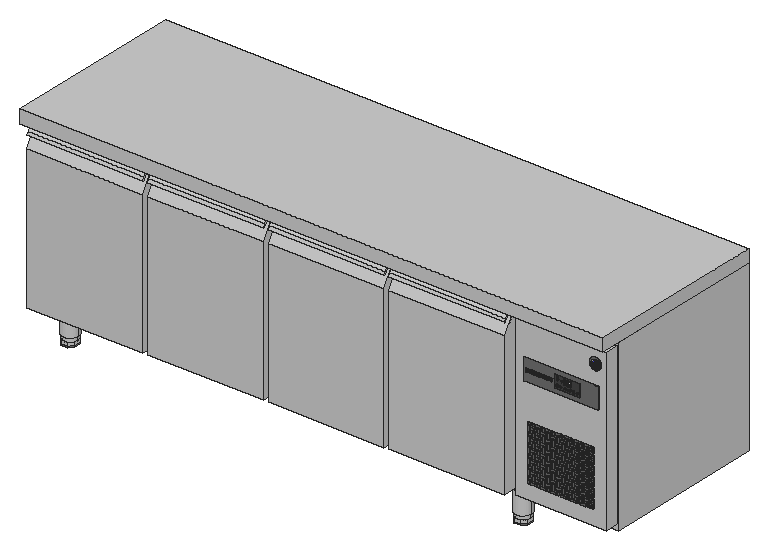
Revit family "QF_HOSHIZAKI_889040822", category Specialty Equipment, Revit 2016
Family settings
  Part Type = Normal
  Round Connector Dimension = Use Diameter
  OmniClass Number = 23.40.40.14
  OmniClass Title = Food Service Equipment
  Work Plane-Based = No
  Always vertical = Yes
  Cut with Voids When Loaded = No
  Shared = No
  Room Calculation Point = No
Parameters (values of type "889040822_230V/1Ph/50Hz")
  Weight = 159.00 kg
  Volts = 230 V
  URL Cutsheet = ""
  URL = "www.hoshizaki-europe.com"
  Status [instance] = ""
  Specification by User [instance] = ""
  Specification by Manufacturer [instance] = ""
  Serial Number = ""
  Seismic Rating = ""
  SMACNA No = ""
  Revision Code [instance] = ""
  Phase = 1
  Number of Poles = 2
  NAFEM Spec ID Number = ""
  Model = "ACR-225DG-LLRR-CRC-L2"
  Min Ckt Ampacity = 0 A
  Max Overcurrent Protection = 0 A
  Masterspec = ""
  Manufacturer = "HOSHIZAKI"
  Length Actual = 2246 mm
  Item Number [instance] = ""
  Installed By [instance] = ""
  Identify Quantity as Lot [instance] = no
  Height Actual = 900 mm
  HP power = ""
  Furnished By [instance] = ""
  Foodservice Equipment Identifier [instance] = yes
  FL Amps = 1.7 A
  Electric power = 240 W
  Electric Connection Type [instance] = ""
  Elec Conn RI Height [instance] = 0 mm
  Elec Conn Connection Height [instance] = 200 mm
  Description = "ADVANCE 4-SECTION 1/1 GN REFRIGERATED COUNTER WITH 4 DOORS AND A FLAT WORKTOP"
  Depth Actual = 700 mm
  Cycle = 50 Hz
  Cost = 0
  Conn Plug = ""
  Conn Conduit = no
  CSI MasterFormat = ""
  Assembly Code = "E1090320"
  Apparent Power = 240 VA
  Accessory = no
Reference planes
  plane 1 "Center (Front/Back)": y = 0
  plane 2: z = 0
  plane 3 "Center (Left/Right)": x = 0
Forms (mm)
  Extrusion 1, solid, not visible
    sketch origin (1999, -17, 349) x (1, 0, 0) y (0, 1, 0)
      loop
        line (0, 0) -> (2, 0) -> (2, 2) -> (0, 2) -> (0, 0)
    from 0 to 2
Dimensions and locks
  aligned and locked: level to plane 2
Nested families
  nested 1: "QF_HOSHIZAKI_889040822_230V_1Ph_50Hz" at (0, 0, 150), type "889040822_230V/1Ph/50Hz"
    with Show Logo yes, Length Actual 2246 mm, Height Actual 650 mm, Depth Actual 700 mm, Compressor offset 1890 mm, Compressor location 1
  nested 2: "QF_HOSHIZAKI_ADVANCE_REF-COUNTER-WORKTOPS" at (0, 0, 800), type "760660095"
    with Worktop thickness 50 mm, Length Actual 2246 mm, Depth Actual 700 mm, Backsplash thickness 20 mm, Backsplash height 100 mm
  nested 3: "QF_HOSHIZAKI_ADVANCE_REF-COUNTER-DOORS-DRAWERS" at (22, -700, 150), type "760660485-R"
    with Weight 0.00 kg, URL Cutsheet "", Status "", Specification by User "", Specification by Manufacturer "", Serial Number "", Seismic Rating "", Section size 446 mm, Section 2, SMACNA No "", Right hand hinged glass door no, Right hand hinged door yes, Revision Code "", NAFEM Spec ID Number "", Masterspec "", Length Actual 0 mm, Left hand hinged glass door no, Left hand hinged door no, Item Number "", Installed By "", Identify Quantity as Lot no, Height Actual 0 mm, Furnished By "", Foodservice Equipment Identifier no, Depth Actual 0 mm, CSI MasterFormat "", Accessory yes, 3 Drawers no, 2 Drawers 1-3 and 2-3 no, 2 Drawers no
  nested 4: "QF_HOSHIZAKI_ADVANCE_REF-COUNTER-DOORS-DRAWERS" at (488, -700, 150), type "760660485-R"
    with Weight 0.00 kg, URL Cutsheet "", Status "", Specification by User "", Specification by Manufacturer "", Serial Number "", Seismic Rating "", Section size 446 mm, Section 2, SMACNA No "", Right hand hinged glass door no, Right hand hinged door yes, Revision Code "", NAFEM Spec ID Number "", Masterspec "", Length Actual 0 mm, Left hand hinged glass door no, Left hand hinged door no, Item Number "", Installed By "", Identify Quantity as Lot no, Height Actual 0 mm, Furnished By "", Foodservice Equipment Identifier no, Depth Actual 0 mm, CSI MasterFormat "", Accessory yes, 3 Drawers no, 2 Drawers 1-3 and 2-3 no, 2 Drawers no
  nested 5: "QF_HOSHIZAKI_ADVANCE_REF-COUNTER-DOORS-DRAWERS" at (952, -700, 150), type "760660485-R"
    with Weight 0.00 kg, URL Cutsheet "", Status "", Specification by User "", Specification by Manufacturer "", Serial Number "", Seismic Rating "", Section size 446 mm, Section 2, SMACNA No "", Right hand hinged glass door no, Right hand hinged door yes, Revision Code "", NAFEM Spec ID Number "", Masterspec "", Length Actual 0 mm, Left hand hinged glass door no, Left hand hinged door no, Item Number "", Installed By "", Identify Quantity as Lot no, Height Actual 0 mm, Furnished By "", Foodservice Equipment Identifier no, Depth Actual 0 mm, CSI MasterFormat "", Accessory yes, 3 Drawers no, 2 Drawers 1-3 and 2-3 no, 2 Drawers no
  nested 6: "QF_HOSHIZAKI_ADVANCE_REF-COUNTER-DOORS-DRAWERS" at (1416, -700, 150), type "760660485-R"
    with Weight 0.00 kg, URL Cutsheet "", Status "", Specification by User "", Specification by Manufacturer "", Serial Number "", Seismic Rating "", Section size 446 mm, Section 2, SMACNA No "", Right hand hinged glass door no, Right hand hinged door yes, Revision Code "", NAFEM Spec ID Number "", Masterspec "", Length Actual 0 mm, Left hand hinged glass door no, Left hand hinged door no, Item Number "", Installed By "", Identify Quantity as Lot no, Height Actual 0 mm, Furnished By "", Foodservice Equipment Identifier no, Depth Actual 0 mm, CSI MasterFormat "", Accessory yes, 3 Drawers no, 2 Drawers 1-3 and 2-3 no, 2 Drawers no
  nested 7: "QF_HOSHIZAKI_ADVANCE_REF-COUNTER-LEGS" at (0, 0, 0), type "760660118-7"
    with Weight 0.00 kg, URL Cutsheet "", Status "", Specification by User "", Specification by Manufacturer "", Serial Number "", Seismic Rating "", SMACNA No "", Revision Code "", NAFEM Spec ID Number "", Masterspec "", Length Actual 2246 mm, Legs inset right 430 mm, Legs inset rear 70 mm, Legs inset left 70 mm, Legs inset front 153 mm, Item Number "", Installed By "", Identify Quantity as Lot no, Height Actual 150 mm, Furnished By "", Foodservice Equipment Identifier no, Depth Actual 700 mm, Central Legs no, CSI MasterFormat "", Accessory yes
Connectors
  electrical at (2000, -15, 350), driven by "Apparent Power", driven by "Number of Poles", driven by "Volts"
    settings: on Extrusion 1, index 1, voltage 230 V, apparent load 0 VA, apparent load phase1 240 VA, apparent load phase2 0 VA, apparent load phase3 0 VA, power factor 1, load classification "Other", number of poles 2, system type 31, power factor state 1, is connector primary yes, connector utility no, sub classification motor no, connector description "Electric connection for '889040822'"
Definition of nested family "QF_HOSHIZAKI_889040822_230V_1Ph_50Hz"
  Parameters (values of type "889040822_230V/1Ph/50Hz")
    URL = "www.hoshizaki-europe.com"
    Show Logo [instance] = yes
    Model = "ACR-225DG-LLRR-CRC-L2"
    Manufacturer = "HOSHIZAKI"
    Length Actual [instance] = 2246 mm
    Height Actual [instance] = 650 mm
    Description = "ADVANCE 4-SECTION 1/1 GN REFRIGERATED COUNTER WITH 4 DOORS AND A FLAT WORKTOP"
    Depth Actual [instance] = 700 mm
    Compressor offset [instance] = if(Compressor location = 1, Length Actual - 356 mm, if(Compressor location = 2, 7 mm, Length Actual - 356 mm))  # 1890 mm
    Compressor location [instance] = 1
    Author = "SPECIFI"
    Assembly Code = "E1090320"
  Types (60, lengths in mm): name | Model | Length Actual | Description | Compressor offset
    889000840 | "ACR-130DG-LR-RRC-L1" | 1314 | "ADVANCE 2-SECTION 1/1 GN REFRIGERATED COUNTER WITH 2 DOORS AND A FLAT WORKTOP" | 958
    889000848 | "ACR-130DG-22-RRC-L1" | 1314 | "ADVANCE 2-SECTION 1/1 GN REFRIGERATED COUNTER WITH 2 DRAWER SECTIONS EACH WITH 2 X 1/2 DRAWERS AND A FLAT WORKTOP" | 958
    889000856 | "ACR-130DG-32-RRC-L1" | 1314 | "ADVANCE 2-SECTION 1/1 GN REFRIGERATED COUNTER WITH 1 DRAWER SECTION WITH 3 X 1/3 DRAWERS, 1 DRAWER SECTION WITH 2 X 1/2 DRAWERS AND A FLAT WORKTOP" | 958
    889000844 | "ACR-130DG-LR-RRS-L1" | 1314 | "ADVANCE 2-SECTION 1/1 GN REFRIGERATED COUNTER WITH 2 DOORS AND A WORKTOP WITH 100 MM SPLASHBACK" | 958
    889000852 | "ACR-130DG-22-RRS-L1" | 1314 | "ADVANCE 2-SECTION 1/1 GN REFRIGERATED COUNTER WITH 2 DRAWER SECTIONS EACH WITH 2 X 1/2 DRAWERS AND A WORKTOP WITH 100 MM SPLASHBACK" | 958
    889000861 | "ACR-130DG-LR-RRC-C1-U" | 1314 | "ADVANCE 2-SECTION 1/1 GN REFRIGERATED COUNTER WITH 2 DOORS AND A FLAT WORKTOP" | 958
    889000869 | "ACR-130DG-22-RRC-C1-U" | 1314 | "ADVANCE 2-SECTION 1/1 GN REFRIGERATED COUNTER WITH 2 DRAWER SECTIONS EACH WITH 2 X 1/2 DRAWERS AND A FLAT WORKTOP" | 958
    889000877 | "ACR-130DG-32-RRC-C1-U" | 1314 | "ADVANCE 2-SECTION 1/1 GN REFRIGERATED COUNTER WITH 1 DRAWER SECTION WITH 3 X 1/3 DRAWERS, 1 DRAWER SECTION WITH 2 X 1/2 DRAWERS AND A FLAT WORKTOP" | 958
    889000865 | "ACR-130DG-LR-RRS-C1-U" | 1314 | "ADVANCE 2-SECTION 1/1 GN REFRIGERATED COUNTER WITH 2 DOORS AND A WORKTOP WITH 100 MM SPLASHBACK" | 958
    889000873 | "ACR-130DG-22-RRS-C1-U" | 1314 | "ADVANCE 2-SECTION 1/1 GN REFRIGERATED COUNTER WITH 2 DRAWER SECTIONS EACH WITH 2 X 1/2 DRAWERS AND A WORKTOP WITH 100 MM SPLASHBACK" | 958
    889000842 | "ACR-130DG-LR-RRC-L2" | 1314 | "ADVANCE 2-SECTION 1/1 GN REFRIGERATED COUNTER WITH 2 DOORS AND A FLAT WORKTOP" | 958
    889000850 | "ACR-130DG-22-RRC-L2" | 1314 | "ADVANCE 2-SECTION 1/1 GN REFRIGERATED COUNTER WITH 2 DRAWER SECTIONS EACH WITH 2 X 1/2 DRAWERS AND A FLAT WORKTOP" | 958
    889000858 | "ACR-130DG-32-RRC-L2" | 1314 | "ADVANCE 2-SECTION 1/1 GN REFRIGERATED COUNTER WITH 1 DRAWER SECTION WITH 3 X 1/3 DRAWERS, 1 DRAWER SECTION WITH 2 X 1/2 DRAWERS AND A FLAT WORKTOP" | 958
    889000846 | "ACR-130DG-LR-RRS-L2" | 1314 | "ADVANCE 2-SECTION 1/1 GN REFRIGERATED COUNTER WITH 2 DOORS AND A WORKTOP WITH 100 MM SPLASHBACK" | 958
    889000854 | "ACR-130DG-22-RRS-L2" | 1314 | "ADVANCE 2-SECTION 1/1 GN REFRIGERATED COUNTER WITH 2 DRAWER SECTIONS EACH WITH 2 X 1/2 DRAWERS AND A WORKTOP WITH 100 MM SPLASHBACK" | 958
    889000822 | "ACR-130DG-LR-CRC-L2" | 1314 | "ADVANCE 2-SECTION 1/1 GN REFRIGERATED COUNTER WITH 2 DOORS AND A FLAT WORKTOP" | 958
    889000830 | "ACR-130DG-22-CRC-L2" | 1314 | "ADVANCE 2-SECTION 1/1 GN REFRIGERATED COUNTER WITH 2 DRAWER SECTIONS EACH WITH 2 X 1/2 DRAWERS AND A FLAT WORKTOP" | 958
    889000838 | "ACR-130DG-32-CRC-L2" | 1314 | "ADVANCE 2-SECTION 1/1 GN REFRIGERATED COUNTER WITH 1 DRAWER SECTION WITH 3 X 1/3 DRAWERS, 1 DRAWER SECTION WITH 2 X 1/2 DRAWERS AND A FLAT WORKTOP" | 958
    889000826 | "ACR-130DG-LR-CRS-L2" | 1314 | "ADVANCE 2-SECTION 1/1 GN REFRIGERATED COUNTER WITH 2 DOORS AND A WORKTOP WITH 100 MM SPLASHBACK" | 958
    889000834 | "ACR-130DG-22-CRS-L2" | 1314 | "ADVANCE 2-SECTION 1/1 GN REFRIGERATED COUNTER WITH 2 DRAWER SECTIONS EACH WITH 2 X 1/2 DRAWERS AND A WORKTOP WITH 100 MM SPLASHBACK" | 958
    889020840 | "ACR-180DG-LRR-RRC-L1" | 1780 | "ADVANCE 3-SECTION 1/1 GN REFRIGERATED COUNTER WITH 3 DOORS AND A FLAT WORKTOP" | 1424
    889020848 | "ACR-180DG-222-RRC-L1" | 1780 | "ADVANCE 3-SECTION 1/1 GN REFRIGERATED COUNTER WITH 3 DRAWER SECTIONS EACH WITH 2 X 1/2 DRAWERS AND A FLAT WORKTOP" | 1424
    889020856 | "ACR-180DG-332-RRC-L1" | 1780 | "ADVANCE 3-SECTION 1/1 GN REFRIGERATED COUNTER WITH 2 DRAWER SECTIONS EACH WITH 3 X 1/3 DRAWERS, 1 DRAWER SECTION WITH 2 X 1/2 DRAWERS AND A FLAT WORKTOP" | 1424
    889020844 | "ACR-180DG-LRR-RRS-L1" | 1780 | "ADVANCE 3-SECTION 1/1 GN REFRIGERATED COUNTER WITH 3 DOORS AND A WORKTOP WITH 100 MM SPLASHBACK" | 1424
    889020852 | "ACR-180DG-222-RRS-L1" | 1780 | "ADVANCE 3-SECTION 1/1 GN REFRIGERATED COUNTER WITH 3 DRAWER SECTIONS EACH WITH 2 X 1/2 DRAWERS AND A WORKTOP WITH 100 MM SPLASHBACK" | 1424
    889020861 | "ACR-180DG-LRR-RRC-C1-U" | 1780 | "ADVANCE 3-SECTION 1/1 GN REFRIGERATED COUNTER WITH 3 DOORS AND A FLAT WORKTOP" | 1424
    889020869 | "ACR-180DG-222-RRC-C1-U" | 1780 | "ADVANCE 3-SECTION 1/1 GN REFRIGERATED COUNTER WITH 3 DRAWER SECTIONS EACH WITH 2 X 1/2 DRAWERS AND A FLAT WORKTOP" | 1424
    889020877 | "ACR-180DG-332-RRC-C1-U" | 1780 | "ADVANCE 3-SECTION 1/1 GN REFRIGERATED COUNTER WITH 2 DRAWER SECTIONS EACH WITH 3 X 1/3 DRAWERS, 1 DRAWER SECTION WITH 2 X 1/2 DRAWERS AND A FLAT WORKTOP" | 1424
    889020865 | "ACR-180DG-LRR-RRS-C1-U" | 1780 | "ADVANCE 3-SECTION 1/1 GN REFRIGERATED COUNTER WITH 3 DOORS AND A WORKTOP WITH 100 MM SPLASHBACK" | 1424
    889020873 | "ACR-180DG-222-RRS-C1-U" | 1780 | "ADVANCE 3-SECTION 1/1 GN REFRIGERATED COUNTER WITH 3 DRAWER SECTIONS EACH WITH 2 X 1/2 DRAWERS AND A WORKTOP WITH 100 MM SPLASHBACK" | 1424
    889020842 | "ACR-180DG-LRR-RRC-L2" | 1780 | "ADVANCE 3-SECTION 1/1 GN REFRIGERATED COUNTER WITH 3 DOORS AND A FLAT WORKTOP" | 1424
    889020850 | "ACR-180DG-222-RRC-L2" | 1780 | "ADVANCE 3-SECTION 1/1 GN REFRIGERATED COUNTER WITH 3 DRAWER SECTIONS EACH WITH 2 X 1/2 DRAWERS AND A FLAT WORKTOP" | 1424
    889020858 | "ACR-180DG-332-RRC-L2" | 1780 | "ADVANCE 3-SECTION 1/1 GN REFRIGERATED COUNTER WITH 2 DRAWER SECTIONS EACH WITH 3 X 1/3 DRAWERS, 1 DRAWER SECTION WITH 2 X 1/2 DRAWERS AND A FLAT WORKTOP" | 1424
    889020846 | "ACR-180DG-LRR-RRS-L2" | 1780 | "ADVANCE 3-SECTION 1/1 GN REFRIGERATED COUNTER WITH 3 DOORS AND A WORKTOP WITH 100 MM SPLASHBACK" | 1424
    889020854 | "ACR-180DG-222-RRS-L2" | 1780 | "ADVANCE 3-SECTION 1/1 GN REFRIGERATED COUNTER WITH 3 DRAWER SECTIONS EACH WITH 2 X 1/2 DRAWERS AND A WORKTOP WITH 100 MM SPLASHBACK" | 1424
    889020823 | "ACR-180DG-LRR-CRC-L2" | 1780 | "ADVANCE 3-SECTION 1/1 GN REFRIGERATED COUNTER WITH 3 DOORS AND A FLAT WORKTOP" | 1424
    889020830 | "ACR-180DG-222-CRC-L2" | 1780 | "ADVANCE 3-SECTION 1/1 GN REFRIGERATED COUNTER WITH 3 DRAWER SECTIONS EACH WITH 2 X 1/2 DRAWERS AND A FLAT WORKTOP" | 1424
    889020838 | "ACR-180DG-332-CRC-L2" | 1780 | "ADVANCE 3-SECTION 1/1 GN REFRIGERATED COUNTER WITH 2 DRAWER SECTIONS EACH WITH 3 X 1/3 DRAWERS, 1 DRAWER SECTION WITH 2 X 1/2 DRAWERS AND A FLAT WORKTOP" | 1424
    889020827 | "ACR-180DG-LRR-CRS-L2" | 1780 | "ADVANCE 3-SECTION 1/1 GN REFRIGERATED COUNTER WITH 3 DOORS AND A WORKTOP WITH 100 MM SPLASHBACK" | 1424
    889020834 | "ACR-180DG-222-CRS-L2" | 1780 | "ADVANCE 3-SECTION 1/1 GN REFRIGERATED COUNTER WITH 3 DRAWER SECTIONS EACH WITH 2 X 1/2 DRAWERS AND A WORKTOP WITH 100 MM SPLASHBACK" | 1424
    889040840 | "ACR-225DG-LLRR-RRC-L1" | 2246 | "ADVANCE 4-SECTION 1/1 GN REFRIGERATED COUNTER WITH 4 DOORS AND A FLAT WORKTOP" | 1890
    889040848 | "ACR-225DG-2222-RRC-L1" | 2246 | "ADVANCE 4-SECTION 1/1 GN REFRIGERATED COUNTER WITH 4 DRAWER SECTIONS EACH WITH 2 X 1/2 DRAWERS AND A FLAT WORKTOP" | 1890
    889040856 | "ACR-225DG-3332-RRC-L1" | 2246 | "ADVANCE 4-SECTION 1/1 GN REFRIGERATED COUNTER WITH 3 DRAWER SECTIONS EACH WITH 3 X 1/3 DRAWERS, 1 DRAWER SECTION WITH 2 X 1/2 DRAWERS AND A FLAT WORKTOP" | 1890
    889040844 | "ACR-225DG-LLRR-RRS-L1" | 2246 | "ADVANCE 4-SECTION 1/1 GN REFRIGERATED COUNTER WITH 4 DOORS AND A WORKTOP WITH 100 MM SPLASHBACK" | 1890
    889040852 | "ACR-225DG-2222-RRS-L1" | 2246 | "ADVANCE 4-SECTION 1/1 GN REFRIGERATED COUNTER WITH 4 DRAWER SECTIONS EACH WITH 2 X 1/2 DRAWERS AND A WORKTOP WITH 100 MM SPLASHBACK" | 1890
    889040861 | "ACR-225DG-LLRR-RRC-C1-U" | 2246 | "ADVANCE 4-SECTION 1/1 GN REFRIGERATED COUNTER WITH 4 DOORS AND A FLAT WORKTOP" | 1890
    889040869 | "ACR-225DG-2222-RRC-C1-U" | 2246 | "ADVANCE 4-SECTION 1/1 GN REFRIGERATED COUNTER WITH 4 DRAWER SECTIONS EACH WITH 2 X 1/2 DRAWERS AND A FLAT WORKTOP" | 1890
    889040877 | "ACR-225DG-3332-RRC-C1-U" | 2246 | "ADVANCE 4-SECTION 1/1 GN REFRIGERATED COUNTER WITH 3 DRAWER SECTIONS EACH WITH 3 X 1/3 DRAWERS, 1 DRAWER SECTION WITH 2 X 1/2 DRAWERS AND A FLAT WORKTOP" | 1890
    889040865 | "ACR-225DG-LLRR-RRS-C1-U" | 2246 | "ADVANCE 4-SECTION 1/1 GN REFRIGERATED COUNTER WITH 4 DOORS AND A WORKTOP WITH 100 MM SPLASHBACK" | 1890
    889040873 | "ACR-225DG-2222-RRS-C1-U" | 2246 | "ADVANCE 4-SECTION 1/1 GN REFRIGERATED COUNTER WITH 4 DRAWER SECTIONS EACH WITH 2 X 1/2 DRAWERS AND A WORKTOP WITH 100 MM SPLASHBACK" | 1890
    889040842 | "ACR-225DG-LLRR-RRC-L2" | 2246 | "ADVANCE 4-SECTION 1/1 GN REFRIGERATED COUNTER WITH 4 DOORS AND A FLAT WORKTOP" | 1890
    889040850 | "ACR-225DG-2222-RRC-L2" | 2246 | "ADVANCE 4-SECTION 1/1 GN REFRIGERATED COUNTER WITH 4 DRAWER SECTIONS EACH WITH 2 X 1/2 DRAWERS AND A FLAT WORKTOP" | 1890
    889040858 | "ACR-225DG-3332-RRC-L2" | 2246 | "ADVANCE 4-SECTION 1/1 GN REFRIGERATED COUNTER WITH 3 DRAWER SECTIONS EACH WITH 3 X 1/3 DRAWERS, 1 DRAWER SECTION WITH 2 X 1/2 DRAWERS AND A FLAT WORKTOP" | 1890
    889040846 | "ACR-225DG-LLRR-RRS-L2" | 2246 | "ADVANCE 4-SECTION 1/1 GN REFRIGERATED COUNTER WITH 4 DOORS AND A WORKTOP WITH 100 MM SPLASHBACK" | 1890
    889040854 | "ACR-225DG-2222-RRS-L2" | 2246 | "ADVANCE 4-SECTION 1/1 GN REFRIGERATED COUNTER WITH 4 DRAWER SECTIONS EACH WITH 2 X 1/2 DRAWERS AND A WORKTOP WITH 100 MM SPLASHBACK" | 1890
    889040822_230V/1Ph/50Hz | "ACR-225DG-LLRR-CRC-L2" | 2246 | "ADVANCE 4-SECTION 1/1 GN REFRIGERATED COUNTER WITH 4 DOORS AND A FLAT WORKTOP" | 1890
    889040830 | "ACR-225DG-2222-CRC-L2" | 2246 | "ADVANCE 4-SECTION 1/1 GN REFRIGERATED COUNTER WITH 4 DRAWER SECTIONS EACH WITH 2 X 1/2 DRAWERS AND A FLAT WORKTOP" | 1890
    889040838 | "ACR-225DG-3332-CRC-L2" | 2246 | "ADVANCE 4-SECTION 1/1 GN REFRIGERATED COUNTER WITH 3 DRAWER SECTIONS EACH WITH 3 X 1/3 DRAWERS, 1 DRAWER SECTION WITH 2 X 1/2 DRAWERS AND A FLAT WORKTOP" | 1890
    889040826 | "ACR-225DG-LLRR-CRS-L2" | 2246 | "ADVANCE 4-SECTION 1/1 GN REFRIGERATED COUNTER WITH 4 DOORS AND A WORKTOP WITH 100 MM SPLASHBACK" | 1890
    889040834 | "ACR-225DG-2222-CRS-L2" | 2246 | "ADVANCE 4-SECTION 1/1 GN REFRIGERATED COUNTER WITH 4 DRAWER SECTIONS EACH WITH 2 X 1/2 DRAWERS AND A WORKTOP WITH 100 MM SPLASHBACK" | 1890
  Reference planes
    plane 1 "Back": y = 0
    plane 2: z = 0
    plane 3 "Left": x = 0
    plane 4 "Right": x = 2246
    plane 5 "Front": y = -700
    plane 6 "Top": z = 650
    plane 7 "Front legs": y = -624.512
    plane 8 "Compressor dimension": x = 2246
    plane 9 "Compressor offset": x = 1890
  Forms (mm)
    Extrusion 1, solid
      sketch origin (0, 0, 0) x (0, 1, 0) y (0, 0, 1)
        loop
          line (0, 650) -> (-624.512, 650) -> (-624.512, 0) -> (0, 0) -> (0, 650)
      from 0 to 2246
    Extrusion 2, solid
      sketch origin (1890, 0, 0) x (0, -1, 0) y (0, 0, 1)
        loop
          line (624.512, 634) -> (624.512, 20) -> (674.54, 20) -> (674.54, 634) -> (624.512, 634)
      from 0 to -349
  Lines and regions (mm)
    symbolic lines
      curve 1: line (0, 0, 650) -> (2246, 0, 650)
      curve 2: line (0, -700, 650) -> (0, 0, 650)
      curve 3: line (2246, -700, 650) -> (0, -700, 650)
      curve 4: line (2246, 0, 650) -> (2246, -700, 650)
  Dimensions and locks
    "Length Actual": plane 3 "Left" to plane 4 "Right"
    "Depth Actual": plane 5 "Front" to plane 1 "Back"
    plane 7 "Front legs" to plane 5 "Front" = 75.488 mm
    "Compressor offset": plane 3 "Left" to plane 9 "Compressor offset"
    locked: plane 9 "Compressor offset" to plane 8 "Compressor dimension" at 356
    plane 6 "Top" to level = 650 mm
    aligned and locked: level to plane 2
    aligned and locked: plane 1 "Back" to Extrusion 1 sketch curve
    aligned and locked: plane 7 "Front legs" to Extrusion 1 sketch curve
    aligned and locked: Extrusion 1 to plane 4 "Right"
    aligned and locked: plane 7 "Front legs" to Extrusion 2 sketch curve
    aligned and locked: nested 1 to plane 5 "Front"
    aligned and locked: nested 1 to plane 9 "Compressor offset"
    aligned and locked: Extrusion 1 sketch curve to plane 6 "Top"
    aligned and locked: plane 2 to Extrusion 1 sketch curve
    aligned and locked: plane 1 "Back" to curve 1
    aligned and locked: plane 5 "Front" to curve 3
    aligned and locked: plane 4 "Right" to curve 4
    aligned and locked: plane 3 "Left" to curve 2
  Automatic sketch dimensions
    plane 5 "Front" to Extrusion 2 sketch curve = 25.46 mm
    level to Extrusion 2 sketch curve = 20 mm
    Extrusion 2 sketch curve to plane 6 "Top" = 16 mm
  Nested families
    nested 1: "Control-panel" at (1890, -700, 0), Show Logo <- "Show Logo", type "Control-panel"
      with Show Logo yes
  Definition of nested family "Control-panel"
    Parameters (values of type "Control-panel")
      Show Logo [instance] = yes
    Reference planes
      plane 1 "Center (Front/Back)": y = 0
      plane 2: z = 0
      plane 3 "Center (Left/Right)": x = 0
      plane 4: z = 650
    Forms (mm)
      Extrusion 1, solid
        sketch origin (-3653, 19.5, -135) x (-1, 0, 0) y (0, 0, 1)
          loop
            arc (-3941, 426) -> (-3944.5, 422.5) -> (-3941, 419) r 3.5
            line (-3941, 419) -> (-3923, 419)
            arc (-3923, 419) -> (-3919.5, 422.5) -> (-3923, 426) r 3.5
            line (-3923, 426) -> (-3941, 426)
          loop
            arc (-3903, 426) -> (-3906.5, 422.5) -> (-3903, 419) r 3.5
            line (-3903, 419) -> (-3885, 419)
            arc (-3885, 419) -> (-3881.5, 422.5) -> (-3885, 426) r 3.5
            line (-3885, 426) -> (-3903, 426)
          loop
            arc (-3865, 426) -> (-3868.5, 422.5) -> (-3865, 419) r 3.5
            line (-3865, 419) -> (-3847, 419)
            arc (-3847, 419) -> (-3843.5, 422.5) -> (-3847, 426) r 3.5
            line (-3847, 426) -> (-3865, 426)
          loop
            arc (-3827, 426) -> (-3830.5, 422.5) -> (-3827, 419) r 3.5
            line (-3827, 419) -> (-3809, 419)
            arc (-3809, 419) -> (-3805.5, 422.5) -> (-3809, 426) r 3.5
            line (-3809, 426) -> (-3827, 426)
          loop
            arc (-3789, 426) -> (-3792.5, 422.5) -> (-3789, 419) r 3.5
            line (-3789, 419) -> (-3771, 419)
            arc (-3771, 419) -> (-3767.5, 422.5) -> (-3771, 426) r 3.5
            line (-3771, 426) -> (-3789, 426)
          loop
            arc (-3751, 426) -> (-3754.5, 422.5) -> (-3751, 419) r 3.5
            line (-3751, 419) -> (-3733, 419)
            arc (-3733, 419) -> (-3729.5, 422.5) -> (-3733, 426) r 3.5
            line (-3733, 426) -> (-3751, 426)
          loop
            arc (-3713, 426) -> (-3716.5, 422.5) -> (-3713, 419) r 3.5
            line (-3713, 419) -> (-3704, 419)
            arc (-3704, 419) -> (-3700.5, 422.5) -> (-3704, 426) r 3.5
            line (-3704, 426) -> (-3713, 426)
          loop
            arc (-3948, 422) -> (-3951, 425) -> (-3954, 422) r 3
            line (-3954, 422) -> (-3954, 413)
            arc (-3954, 413) -> (-3951, 410) -> (-3948, 413) r 3
            line (-3948, 413) -> (-3948, 422)
          loop
            line (-3938.025, 416.51) -> (-3945.025, 416.51) -> (-3945.025, 409.51) -> (-3938.025, 409.51) -> (-3938.025, 416.51)
          loop
            line (-3919.025, 416.51) -> (-3926.025, 416.51) -> (-3926.025, 409.51) -> (-3919.025, 409.51) -> (-3919.025, 416.51)
          loop
            arc (-3910, 422) -> (-3913, 425) -> (-3916, 422) r 3
            line (-3916, 422) -> (-3916, 413)
            arc (-3916, 413) -> (-3913, 410) -> (-3910, 413) r 3
            line (-3910, 413) -> (-3910, 422)
          loop
            line (-3900.025, 416.51) -> (-3907.025, 416.51) -> (-3907.025, 409.51) -> (-3900.025, 409.51) -> (-3900.025, 416.51)
          loop
            line (-3881.025, 416.51) -> (-3888.025, 416.51) -> (-3888.025, 409.51) -> (-3881.025, 409.51) -> (-3881.025, 416.51)
          loop
            arc (-3872, 422) -> (-3875, 425) -> (-3878, 422) r 3
            line (-3878, 422) -> (-3878, 413)
            arc (-3878, 413) -> (-3875, 410) -> (-3872, 413) r 3
            line (-3872, 413) -> (-3872, 422)
          loop
            line (-3862.025, 416.51) -> (-3869.025, 416.51) -> (-3869.025, 409.51) -> (-3862.025, 409.51) -> (-3862.025, 416.51)
          loop
            line (-3843.025, 416.51) -> (-3850.025, 416.51) -> (-3850.025, 409.51) -> (-3843.025, 409.51) -> (-3843.025, 416.51)
          loop
            arc (-3834, 422) -> (-3837, 425) -> (-3840, 422) r 3
            line (-3840, 422) -> (-3840, 413)
            arc (-3840, 413) -> (-3837, 410) -> (-3834, 413) r 3
            line (-3834, 413) -> (-3834, 422)
          loop
            line (-3824.025, 416.51) -> (-3831.025, 416.51) -> (-3831.025, 409.51) -> (-3824.025, 409.51) -> (-3824.025, 416.51)
          loop
            line (-3805.025, 416.51) -> (-3812.025, 416.51) -> (-3812.025, 409.51) -> (-3805.025, 409.51) -> (-3805.025, 416.51)
          loop
            arc (-3796, 422) -> (-3799, 425) -> (-3802, 422) r 3
            line (-3802, 422) -> (-3802, 413)
            arc (-3802, 413) -> (-3799, 410) -> (-3796, 413) r 3
            line (-3796, 413) -> (-3796, 422)
          loop
            line (-3786.025, 416.51) -> (-3793.025, 416.51) -> (-3793.025, 409.51) -> (-3786.025, 409.51) -> (-3786.025, 416.51)
          loop
            line (-3767.025, 416.51) -> (-3774.025, 416.51) -> (-3774.025, 409.51) -> (-3767.025, 409.51) -> (-3767.025, 416.51)
          loop
            arc (-3758, 422) -> (-3761, 425) -> (-3764, 422) r 3
            line (-3764, 422) -> (-3764, 413)
            arc (-3764, 413) -> (-3761, 410) -> (-3758, 413) r 3
            line (-3758, 413) -> (-3758, 422)
          loop
            line (-3748.025, 416.51) -> (-3755.025, 416.51) -> (-3755.025, 409.51) -> (-3748.025, 409.51) -> (-3748.025, 416.51)
          loop
            line (-3729.025, 416.51) -> (-3736.025, 416.51) -> (-3736.025, 409.51) -> (-3729.025, 409.51) -> (-3729.025, 416.51)
          loop
            arc (-3720, 422) -> (-3723, 425) -> (-3726, 422) r 3
            line (-3726, 422) -> (-3726, 413)
            arc (-3726, 413) -> (-3723, 410) -> (-3720, 413) r 3
            line (-3720, 413) -> (-3720, 422)
          loop
            line (-3710.025, 416.51) -> (-3717.025, 416.51) -> (-3717.025, 409.51) -> (-3710.025, 409.51) -> (-3710.025, 416.51)
          loop
            line (-3935.5, 412.5) -> (-3935.5, 394.5)
            arc (-3935.5, 394.5) -> (-3932, 391) -> (-3928.5, 394.5) r 3.5
            line (-3928.5, 394.5) -> (-3928.5, 412.5)
            arc (-3928.5, 412.5) -> (-3932, 416) -> (-3935.5, 412.5) r 3.5
          loop
            line (-3897.5, 412.5) -> (-3897.5, 394.5)
            arc (-3897.5, 394.5) -> (-3894, 391) -> (-3890.5, 394.5) r 3.5
            line (-3890.5, 394.5) -> (-3890.5, 412.5)
            arc (-3890.5, 412.5) -> (-3894, 416) -> (-3897.5, 412.5) r 3.5
          loop
            line (-3859.5, 412.5) -> (-3859.5, 394.5)
            arc (-3859.5, 394.5) -> (-3856, 391) -> (-3852.5, 394.5) r 3.5
            line (-3852.5, 394.5) -> (-3852.5, 412.5)
            arc (-3852.5, 412.5) -> (-3856, 416) -> (-3859.5, 412.5) r 3.5
          loop
            line (-3821.5, 412.5) -> (-3821.5, 394.5)
            arc (-3821.5, 394.5) -> (-3818, 391) -> (-3814.5, 394.5) r 3.5
            line (-3814.5, 394.5) -> (-3814.5, 412.5)
            arc (-3814.5, 412.5) -> (-3818, 416) -> (-3821.5, 412.5) r 3.5
          loop
            line (-3783.5, 412.5) -> (-3783.5, 394.5)
            arc (-3783.5, 394.5) -> (-3780, 391) -> (-3776.5, 394.5) r 3.5
            line (-3776.5, 394.5) -> (-3776.5, 412.5)
            arc (-3776.5, 412.5) -> (-3780, 416) -> (-3783.5, 412.5) r 3.5
          loop
            line (-3745.5, 412.5) -> (-3745.5, 394.5)
            arc (-3745.5, 394.5) -> (-3742, 391) -> (-3738.5, 394.5) r 3.5
            line (-3738.5, 394.5) -> (-3738.5, 412.5)
            arc (-3738.5, 412.5) -> (-3742, 416) -> (-3745.5, 412.5) r 3.5
          loop
            line (-3707.5, 412.5) -> (-3707.5, 394.5)
            arc (-3707.5, 394.5) -> (-3704, 391) -> (-3700.5, 394.5) r 3.5
            line (-3700.5, 394.5) -> (-3700.5, 412.5)
            arc (-3700.5, 412.5) -> (-3704, 416) -> (-3707.5, 412.5) r 3.5
          loop
            arc (-3922, 407) -> (-3925.5, 403.5) -> (-3922, 400) r 3.5
            line (-3922, 400) -> (-3904, 400)
            arc (-3904, 400) -> (-3900.5, 403.5) -> (-3904, 407) r 3.5
            line (-3904, 407) -> (-3922, 407)
          loop
            arc (-3884, 407) -> (-3887.5, 403.5) -> (-3884, 400) r 3.5
            line (-3884, 400) -> (-3866, 400)
            arc (-3866, 400) -> (-3862.5, 403.5) -> (-3866, 407) r 3.5
            line (-3866, 407) -> (-3884, 407)
          loop
            arc (-3846, 407) -> (-3849.5, 403.5) -> (-3846, 400) r 3.5
            line (-3846, 400) -> (-3828, 400)
            arc (-3828, 400) -> (-3824.5, 403.5) -> (-3828, 407) r 3.5
            line (-3828, 407) -> (-3846, 407)
          loop
            arc (-3808, 407) -> (-3811.5, 403.5) -> (-3808, 400) r 3.5
            line (-3808, 400) -> (-3790, 400)
            arc (-3790, 400) -> (-3786.5, 403.5) -> (-3790, 407) r 3.5
            line (-3790, 407) -> (-3808, 407)
          loop
            arc (-3770, 407) -> (-3773.5, 403.5) -> (-3770, 400) r 3.5
            line (-3770, 400) -> (-3752, 400)
            arc (-3752, 400) -> (-3748.5, 403.5) -> (-3752, 407) r 3.5
            line (-3752, 407) -> (-3770, 407)
          loop
            arc (-3732, 407) -> (-3735.5, 403.5) -> (-3732, 400) r 3.5
            line (-3732, 400) -> (-3714, 400)
            arc (-3714, 400) -> (-3710.5, 403.5) -> (-3714, 407) r 3.5
            line (-3714, 407) -> (-3732, 407)
          loop
            line (-3938.025, 390.49) -> (-3938.025, 397.49) -> (-3945.025, 397.49) -> (-3945.025, 390.49) -> (-3938.025, 390.49)
          loop
            line (-3919.025, 390.49) -> (-3919.025, 397.49) -> (-3926.025, 397.49) -> (-3926.025, 390.49) -> (-3919.025, 390.49)
          loop
            line (-3900.025, 390.49) -> (-3900.025, 397.49) -> (-3907.025, 397.49) -> (-3907.025, 390.49) -> (-3900.025, 390.49)
          loop
            line (-3881.025, 390.49) -> (-3881.025, 397.49) -> (-3888.025, 397.49) -> (-3888.025, 390.49) -> (-3881.025, 390.49)
          loop
            line (-3862.025, 390.49) -> (-3862.025, 397.49) -> (-3869.025, 397.49) -> (-3869.025, 390.49) -> (-3862.025, 390.49)
          loop
            line (-3843.025, 390.49) -> (-3843.025, 397.49) -> (-3850.025, 397.49) -> (-3850.025, 390.49) -> (-3843.025, 390.49)
          loop
            line (-3824.025, 390.49) -> (-3824.025, 397.49) -> (-3831.025, 397.49) -> (-3831.025, 390.49) -> (-3824.025, 390.49)
          loop
            line (-3805.025, 390.49) -> (-3805.025, 397.49) -> (-3812.025, 397.49) -> (-3812.025, 390.49) -> (-3805.025, 390.49)
          loop
            line (-3786.025, 390.49) -> (-3786.025, 397.49) -> (-3793.025, 397.49) -> (-3793.025, 390.49) -> (-3786.025, 390.49)
          loop
            line (-3767.025, 390.49) -> (-3767.025, 397.49) -> (-3774.025, 397.49) -> (-3774.025, 390.49) -> (-3767.025, 390.49)
          loop
            line (-3748.025, 390.49) -> (-3748.025, 397.49) -> (-3755.025, 397.49) -> (-3755.025, 390.49) -> (-3748.025, 390.49)
          loop
            line (-3729.025, 390.49) -> (-3729.025, 397.49) -> (-3736.025, 397.49) -> (-3736.025, 390.49) -> (-3729.025, 390.49)
          loop
            line (-3710.025, 390.49) -> (-3710.025, 397.49) -> (-3717.025, 397.49) -> (-3717.025, 390.49) -> (-3710.025, 390.49)
          loop
            arc (-3719.5, 393.5) -> (-3723, 397) -> (-3726.5, 393.5) r 3.5
            line (-3726.5, 393.5) -> (-3726.5, 375.5)
            arc (-3726.5, 375.5) -> (-3723, 372) -> (-3719.5, 375.5) r 3.5
            line (-3719.5, 375.5) -> (-3719.5, 393.5)
          loop
            arc (-3757.5, 393.5) -> (-3761, 397) -> (-3764.5, 393.5) r 3.5
            line (-3764.5, 393.5) -> (-3764.5, 375.5)
            arc (-3764.5, 375.5) -> (-3761, 372) -> (-3757.5, 375.5) r 3.5
            line (-3757.5, 375.5) -> (-3757.5, 393.5)
          loop
            arc (-3795.5, 393.5) -> (-3799, 397) -> (-3802.5, 393.5) r 3.5
            line (-3802.5, 393.5) -> (-3802.5, 375.5)
            arc (-3802.5, 375.5) -> (-3799, 372) -> (-3795.5, 375.5) r 3.5
            line (-3795.5, 375.5) -> (-3795.5, 393.5)
          loop
            arc (-3833.5, 393.5) -> (-3837, 397) -> (-3840.5, 393.5) r 3.5
            line (-3840.5, 393.5) -> (-3840.5, 375.5)
            arc (-3840.5, 375.5) -> (-3837, 372) -> (-3833.5, 375.5) r 3.5
            line (-3833.5, 375.5) -> (-3833.5, 393.5)
          loop
            arc (-3871.5, 393.5) -> (-3875, 397) -> (-3878.5, 393.5) r 3.5
            line (-3878.5, 393.5) -> (-3878.5, 375.5)
            arc (-3878.5, 375.5) -> (-3875, 372) -> (-3871.5, 375.5) r 3.5
            line (-3871.5, 375.5) -> (-3871.5, 393.5)
          loop
            arc (-3909.5, 393.5) -> (-3913, 397) -> (-3916.5, 393.5) r 3.5
            line (-3916.5, 393.5) -> (-3916.5, 375.5)
            arc (-3916.5, 375.5) -> (-3913, 372) -> (-3909.5, 375.5) r 3.5
            line (-3909.5, 375.5) -> (-3909.5, 393.5)
          loop
            arc (-3951, 406.5) -> (-3954, 403.5) -> (-3951, 400.5) r 3
            line (-3951, 400.5) -> (-3942, 400.5)
            arc (-3942, 400.5) -> (-3939, 403.5) -> (-3942, 406.5) r 3
            line (-3942, 406.5) -> (-3951, 406.5)
          loop
            arc (-3947.5, 393.5) -> (-3951, 397) -> (-3954.5, 393.5) r 3.5
            line (-3954.5, 393.5) -> (-3954.5, 375.5)
            arc (-3954.5, 375.5) -> (-3951, 372) -> (-3947.5, 375.5) r 3.5
            line (-3947.5, 375.5) -> (-3947.5, 393.5)
          loop
            arc (-3941, 388.51) -> (-3944.5, 385.01) -> (-3941, 381.51) r 3.5
            line (-3941, 381.51) -> (-3923, 381.51)
            arc (-3923, 381.51) -> (-3919.5, 385.01) -> (-3923, 388.51) r 3.5
            line (-3923, 388.51) -> (-3941, 388.51)
          loop
            arc (-3903, 388.51) -> (-3906.5, 385.01) -> (-3903, 381.51) r 3.5
            line (-3903, 381.51) -> (-3885, 381.51)
            arc (-3885, 381.51) -> (-3881.5, 385.01) -> (-3885, 388.51) r 3.5
            line (-3885, 388.51) -> (-3903, 388.51)
          loop
            arc (-3865, 388.51) -> (-3868.5, 385.01) -> (-3865, 381.51) r 3.5
            line (-3865, 381.51) -> (-3847, 381.51)
            arc (-3847, 381.51) -> (-3843.5, 385.01) -> (-3847, 388.51) r 3.5
            line (-3847, 388.51) -> (-3865, 388.51)
          loop
            arc (-3827, 388.51) -> (-3830.5, 385.01) -> (-3827, 381.51) r 3.5
            line (-3827, 381.51) -> (-3809, 381.51)
            arc (-3809, 381.51) -> (-3805.5, 385.01) -> (-3809, 388.51) r 3.5
            line (-3809, 388.51) -> (-3827, 388.51)
          loop
            arc (-3789, 388.51) -> (-3792.5, 385.01) -> (-3789, 381.51) r 3.5
            line (-3789, 381.51) -> (-3771, 381.51)
            arc (-3771, 381.51) -> (-3767.5, 385.01) -> (-3771, 388.51) r 3.5
            line (-3771, 388.51) -> (-3789, 388.51)
          loop
            arc (-3751, 388.51) -> (-3754.5, 385.01) -> (-3751, 381.51) r 3.5
            line (-3751, 381.51) -> (-3733, 381.51)
            arc (-3733, 381.51) -> (-3729.5, 385.01) -> (-3733, 388.51) r 3.5
            line (-3733, 388.51) -> (-3751, 388.51)
          loop
            arc (-3713, 388.51) -> (-3716.5, 385.01) -> (-3713, 381.51) r 3.5
            line (-3713, 381.51) -> (-3704, 381.51)
            arc (-3704, 381.51) -> (-3700.5, 385.01) -> (-3704, 388.51) r 3.5
            line (-3704, 388.51) -> (-3713, 388.51)
          loop
            line (-3938.025, 379.02) -> (-3945.025, 379.02) -> (-3945.025, 372.02) -> (-3938.025, 372.02) -> (-3938.025, 379.02)
          loop
            line (-3919.025, 379.02) -> (-3926.025, 379.02) -> (-3926.025, 372.02) -> (-3919.025, 372.02) -> (-3919.025, 379.02)
          loop
            line (-3900.025, 379.02) -> (-3907.025, 379.02) -> (-3907.025, 372.02) -> (-3900.025, 372.02) -> (-3900.025, 379.02)
          loop
            line (-3881.025, 379.02) -> (-3888.025, 379.02) -> (-3888.025, 372.02) -> (-3881.025, 372.02) -> (-3881.025, 379.02)
          loop
            line (-3862.025, 379.02) -> (-3869.025, 379.02) -> (-3869.025, 372.02) -> (-3862.025, 372.02) -> (-3862.025, 379.02)
          loop
            line (-3843.025, 379.02) -> (-3850.025, 379.02) -> (-3850.025, 372.02) -> (-3843.025, 372.02) -> (-3843.025, 379.02)
          loop
            line (-3824.025, 379.02) -> (-3831.025, 379.02) -> (-3831.025, 372.02) -> (-3824.025, 372.02) -> (-3824.025, 379.02)
          loop
            line (-3805.025, 379.02) -> (-3812.025, 379.02) -> (-3812.025, 372.02) -> (-3805.025, 372.02) -> (-3805.025, 379.02)
          loop
            line (-3786.025, 379.02) -> (-3793.025, 379.02) -> (-3793.025, 372.02) -> (-3786.025, 372.02) -> (-3786.025, 379.02)
          loop
            line (-3767.025, 379.02) -> (-3774.025, 379.02) -> (-3774.025, 372.02) -> (-3767.025, 372.02) -> (-3767.025, 379.02)
          loop
            line (-3748.025, 379.02) -> (-3755.025, 379.02) -> (-3755.025, 372.02) -> (-3748.025, 372.02) -> (-3748.025, 379.02)
          loop
            line (-3729.025, 379.02) -> (-3736.025, 379.02) -> (-3736.025, 372.02) -> (-3729.025, 372.02) -> (-3729.025, 379.02)
          loop
            line (-3710.025, 379.02) -> (-3717.025, 379.02) -> (-3717.025, 372.02) -> (-3710.025, 372.02) -> (-3710.025, 379.02)
          loop
            line (-3935.5, 375.01) -> (-3935.5, 357.01)
            arc (-3935.5, 357.01) -> (-3932, 353.51) -> (-3928.5, 357.01) r 3.5
            line (-3928.5, 357.01) -> (-3928.5, 375.01)
            arc (-3928.5, 375.01) -> (-3932, 378.51) -> (-3935.5, 375.01) r 3.5
          loop
            line (-3897.5, 375.01) -> (-3897.5, 357.01)
            arc (-3897.5, 357.01) -> (-3894, 353.51) -> (-3890.5, 357.01) r 3.5
            line (-3890.5, 357.01) -> (-3890.5, 375.01)
            arc (-3890.5, 375.01) -> (-3894, 378.51) -> (-3897.5, 375.01) r 3.5
          loop
            line (-3859.5, 375.01) -> (-3859.5, 357.01)
            arc (-3859.5, 357.01) -> (-3856, 353.51) -> (-3852.5, 357.01) r 3.5
            line (-3852.5, 357.01) -> (-3852.5, 375.01)
            arc (-3852.5, 375.01) -> (-3856, 378.51) -> (-3859.5, 375.01) r 3.5
          loop
            line (-3821.5, 375.01) -> (-3821.5, 357.01)
            arc (-3821.5, 357.01) -> (-3818, 353.51) -> (-3814.5, 357.01) r 3.5
            line (-3814.5, 357.01) -> (-3814.5, 375.01)
            arc (-3814.5, 375.01) -> (-3818, 378.51) -> (-3821.5, 375.01) r 3.5
          loop
            line (-3783.5, 375.01) -> (-3783.5, 357.01)
            arc (-3783.5, 357.01) -> (-3780, 353.51) -> (-3776.5, 357.01) r 3.5
            line (-3776.5, 357.01) -> (-3776.5, 375.01)
            arc (-3776.5, 375.01) -> (-3780, 378.51) -> (-3783.5, 375.01) r 3.5
          loop
            line (-3745.5, 375.01) -> (-3745.5, 357.01)
            arc (-3745.5, 357.01) -> (-3742, 353.51) -> (-3738.5, 357.01) r 3.5
            line (-3738.5, 357.01) -> (-3738.5, 375.01)
            arc (-3738.5, 375.01) -> (-3742, 378.51) -> (-3745.5, 375.01) r 3.5
          loop
            line (-3707.5, 375.01) -> (-3707.5, 357.01)
            arc (-3707.5, 357.01) -> (-3704, 353.51) -> (-3700.5, 357.01) r 3.5
            line (-3700.5, 357.01) -> (-3700.5, 375.01)
            arc (-3700.5, 375.01) -> (-3704, 378.51) -> (-3707.5, 375.01) r 3.5
          loop
            arc (-3922, 369.51) -> (-3925.5, 366.01) -> (-3922, 362.51) r 3.5
            line (-3922, 362.51) -> (-3904, 362.51)
            arc (-3904, 362.51) -> (-3900.5, 366.01) -> (-3904, 369.51) r 3.5
            line (-3904, 369.51) -> (-3922, 369.51)
          loop
            arc (-3884, 369.51) -> (-3887.5, 366.01) -> (-3884, 362.51) r 3.5
            line (-3884, 362.51) -> (-3866, 362.51)
            arc (-3866, 362.51) -> (-3862.5, 366.01) -> (-3866, 369.51) r 3.5
            line (-3866, 369.51) -> (-3884, 369.51)
          loop
            arc (-3846, 369.51) -> (-3849.5, 366.01) -> (-3846, 362.51) r 3.5
            line (-3846, 362.51) -> (-3828, 362.51)
            arc (-3828, 362.51) -> (-3824.5, 366.01) -> (-3828, 369.51) r 3.5
            line (-3828, 369.51) -> (-3846, 369.51)
          loop
            arc (-3808, 369.51) -> (-3811.5, 366.01) -> (-3808, 362.51) r 3.5
            line (-3808, 362.51) -> (-3790, 362.51)
            arc (-3790, 362.51) -> (-3786.5, 366.01) -> (-3790, 369.51) r 3.5
            line (-3790, 369.51) -> (-3808, 369.51)
          loop
            arc (-3770, 369.51) -> (-3773.5, 366.01) -> (-3770, 362.51) r 3.5
            line (-3770, 362.51) -> (-3752, 362.51)
            arc (-3752, 362.51) -> (-3748.5, 366.01) -> (-3752, 369.51) r 3.5
            line (-3752, 369.51) -> (-3770, 369.51)
          loop
            arc (-3732, 369.51) -> (-3735.5, 366.01) -> (-3732, 362.51) r 3.5
            line (-3732, 362.51) -> (-3714, 362.51)
            arc (-3714, 362.51) -> (-3710.5, 366.01) -> (-3714, 369.51) r 3.5
            line (-3714, 369.51) -> (-3732, 369.51)
          loop
            line (-3938.025, 353) -> (-3938.025, 360) -> (-3945.025, 360) -> (-3945.025, 353) -> (-3938.025, 353)
          loop
            line (-3919.025, 353) -> (-3919.025, 360) -> (-3926.025, 360) -> (-3926.025, 353) -> (-3919.025, 353)
          loop
            line (-3900.025, 353) -> (-3900.025, 360) -> (-3907.025, 360) -> (-3907.025, 353) -> (-3900.025, 353)
          loop
            line (-3881.025, 353) -> (-3881.025, 360) -> (-3888.025, 360) -> (-3888.025, 353) -> (-3881.025, 353)
          loop
            line (-3862.025, 353) -> (-3862.025, 360) -> (-3869.025, 360) -> (-3869.025, 353) -> (-3862.025, 353)
          loop
            line (-3843.025, 353) -> (-3843.025, 360) -> (-3850.025, 360) -> (-3850.025, 353) -> (-3843.025, 353)
          loop
            line (-3824.025, 353) -> (-3824.025, 360) -> (-3831.025, 360) -> (-3831.025, 353) -> (-3824.025, 353)
          loop
            line (-3805.025, 353) -> (-3805.025, 360) -> (-3812.025, 360) -> (-3812.025, 353) -> (-3805.025, 353)
          loop
            line (-3786.025, 353) -> (-3786.025, 360) -> (-3793.025, 360) -> (-3793.025, 353) -> (-3786.025, 353)
          loop
            line (-3767.025, 353) -> (-3767.025, 360) -> (-3774.025, 360) -> (-3774.025, 353) -> (-3767.025, 353)
          loop
            line (-3748.025, 353) -> (-3748.025, 360) -> (-3755.025, 360) -> (-3755.025, 353) -> (-3748.025, 353)
          loop
            line (-3729.025, 353) -> (-3729.025, 360) -> (-3736.025, 360) -> (-3736.025, 353) -> (-3729.025, 353)
          loop
            line (-3710.025, 353) -> (-3710.025, 360) -> (-3717.025, 360) -> (-3717.025, 353) -> (-3710.025, 353)
          loop
            arc (-3719.5, 356.01) -> (-3723, 359.51) -> (-3726.5, 356.01) r 3.5
            line (-3726.5, 356.01) -> (-3726.5, 338.01)
            arc (-3726.5, 338.01) -> (-3723, 334.51) -> (-3719.5, 338.01) r 3.5
            line (-3719.5, 338.01) -> (-3719.5, 356.01)
          loop
            arc (-3757.5, 356.01) -> (-3761, 359.51) -> (-3764.5, 356.01) r 3.5
            line (-3764.5, 356.01) -> (-3764.5, 338.01)
            arc (-3764.5, 338.01) -> (-3761, 334.51) -> (-3757.5, 338.01) r 3.5
            line (-3757.5, 338.01) -> (-3757.5, 356.01)
          loop
            arc (-3795.5, 356.01) -> (-3799, 359.51) -> (-3802.5, 356.01) r 3.5
            line (-3802.5, 356.01) -> (-3802.5, 338.01)
            arc (-3802.5, 338.01) -> (-3799, 334.51) -> (-3795.5, 338.01) r 3.5
            line (-3795.5, 338.01) -> (-3795.5, 356.01)
          loop
            arc (-3833.5, 356.01) -> (-3837, 359.51) -> (-3840.5, 356.01) r 3.5
            line (-3840.5, 356.01) -> (-3840.5, 338.01)
            arc (-3840.5, 338.01) -> (-3837, 334.51) -> (-3833.5, 338.01) r 3.5
            line (-3833.5, 338.01) -> (-3833.5, 356.01)
          loop
            arc (-3871.5, 356.01) -> (-3875, 359.51) -> (-3878.5, 356.01) r 3.5
            line (-3878.5, 356.01) -> (-3878.5, 338.01)
            arc (-3878.5, 338.01) -> (-3875, 334.51) -> (-3871.5, 338.01) r 3.5
            line (-3871.5, 338.01) -> (-3871.5, 356.01)
          loop
            arc (-3909.5, 356.01) -> (-3913, 359.51) -> (-3916.5, 356.01) r 3.5
            line (-3916.5, 356.01) -> (-3916.5, 338.01)
            arc (-3916.5, 338.01) -> (-3913, 334.51) -> (-3909.5, 338.01) r 3.5
            line (-3909.5, 338.01) -> (-3909.5, 356.01)
          loop
            arc (-3951, 369.01) -> (-3954, 366.01) -> (-3951, 363.01) r 3
            line (-3951, 363.01) -> (-3942, 363.01)
            arc (-3942, 363.01) -> (-3939, 366.01) -> (-3942, 369.01) r 3
            line (-3942, 369.01) -> (-3951, 369.01)
          loop
            arc (-3947.5, 356.01) -> (-3951, 359.51) -> (-3954.5, 356.01) r 3.5
            line (-3954.5, 356.01) -> (-3954.5, 338.01)
            arc (-3954.5, 338.01) -> (-3951, 334.51) -> (-3947.5, 338.01) r 3.5
            line (-3947.5, 338.01) -> (-3947.5, 356.01)
          loop
            arc (-3941, 350.486) -> (-3944.5, 346.986) -> (-3941, 343.486) r 3.5
            line (-3941, 343.486) -> (-3923, 343.486)
            arc (-3923, 343.486) -> (-3919.5, 346.986) -> (-3923, 350.486) r 3.5
            line (-3923, 350.486) -> (-3941, 350.486)
          loop
            arc (-3903, 350.486) -> (-3906.5, 346.986) -> (-3903, 343.486) r 3.5
            line (-3903, 343.486) -> (-3885, 343.486)
            arc (-3885, 343.486) -> (-3881.5, 346.986) -> (-3885, 350.486) r 3.5
            line (-3885, 350.486) -> (-3903, 350.486)
          loop
            arc (-3865, 350.486) -> (-3868.5, 346.986) -> (-3865, 343.486) r 3.5
            line (-3865, 343.486) -> (-3847, 343.486)
            arc (-3847, 343.486) -> (-3843.5, 346.986) -> (-3847, 350.486) r 3.5
            line (-3847, 350.486) -> (-3865, 350.486)
          loop
            arc (-3827, 350.486) -> (-3830.5, 346.986) -> (-3827, 343.486) r 3.5
            line (-3827, 343.486) -> (-3809, 343.486)
            arc (-3809, 343.486) -> (-3805.5, 346.986) -> (-3809, 350.486) r 3.5
            line (-3809, 350.486) -> (-3827, 350.486)
          loop
            arc (-3789, 350.486) -> (-3792.5, 346.986) -> (-3789, 343.486) r 3.5
            line (-3789, 343.486) -> (-3771, 343.486)
            arc (-3771, 343.486) -> (-3767.5, 346.986) -> (-3771, 350.486) r 3.5
            line (-3771, 350.486) -> (-3789, 350.486)
          loop
            arc (-3751, 350.486) -> (-3754.5, 346.986) -> (-3751, 343.486) r 3.5
            line (-3751, 343.486) -> (-3733, 343.486)
            arc (-3733, 343.486) -> (-3729.5, 346.986) -> (-3733, 350.486) r 3.5
            line (-3733, 350.486) -> (-3751, 350.486)
          loop
            arc (-3713, 350.486) -> (-3716.5, 346.986) -> (-3713, 343.486) r 3.5
            line (-3713, 343.486) -> (-3704, 343.486)
            arc (-3704, 343.486) -> (-3700.5, 346.986) -> (-3704, 350.486) r 3.5
            line (-3704, 350.486) -> (-3713, 350.486)
          loop
            line (-3938.025, 340.996) -> (-3945.025, 340.996) -> (-3945.025, 333.996) -> (-3938.025, 333.996) -> (-3938.025, 340.996)
          loop
            line (-3919.025, 340.996) -> (-3926.025, 340.996) -> (-3926.025, 333.996) -> (-3919.025, 333.996) -> (-3919.025, 340.996)
          loop
            line (-3900.025, 340.996) -> (-3907.025, 340.996) -> (-3907.025, 333.996) -> (-3900.025, 333.996) -> (-3900.025, 340.996)
          loop
            line (-3881.025, 340.996) -> (-3888.025, 340.996) -> (-3888.025, 333.996) -> (-3881.025, 333.996) -> (-3881.025, 340.996)
          loop
            line (-3862.025, 340.996) -> (-3869.025, 340.996) -> (-3869.025, 333.996) -> (-3862.025, 333.996) -> (-3862.025, 340.996)
          loop
            line (-3843.025, 340.996) -> (-3850.025, 340.996) -> (-3850.025, 333.996) -> (-3843.025, 333.996) -> (-3843.025, 340.996)
          loop
            line (-3824.025, 340.996) -> (-3831.025, 340.996) -> (-3831.025, 333.996) -> (-3824.025, 333.996) -> (-3824.025, 340.996)
          loop
            line (-3805.025, 340.996) -> (-3812.025, 340.996) -> (-3812.025, 333.996) -> (-3805.025, 333.996) -> (-3805.025, 340.996)
          loop
            line (-3786.025, 340.996) -> (-3793.025, 340.996) -> (-3793.025, 333.996) -> (-3786.025, 333.996) -> (-3786.025, 340.996)
          loop
            line (-3767.025, 340.996) -> (-3774.025, 340.996) -> (-3774.025, 333.996) -> (-3767.025, 333.996) -> (-3767.025, 340.996)
          loop
            line (-3748.025, 340.996) -> (-3755.025, 340.996) -> (-3755.025, 333.996) -> (-3748.025, 333.996) -> (-3748.025, 340.996)
          loop
            line (-3729.025, 340.996) -> (-3736.025, 340.996) -> (-3736.025, 333.996) -> (-3729.025, 333.996) -> (-3729.025, 340.996)
          loop
            line (-3710.025, 340.996) -> (-3717.025, 340.996) -> (-3717.025, 333.996) -> (-3710.025, 333.996) -> (-3710.025, 340.996)
          loop
            line (-3935.5, 336.986) -> (-3935.5, 318.986)
            arc (-3935.5, 318.986) -> (-3932, 315.486) -> (-3928.5, 318.986) r 3.5
            line (-3928.5, 318.986) -> (-3928.5, 336.986)
            arc (-3928.5, 336.986) -> (-3932, 340.486) -> (-3935.5, 336.986) r 3.5
          loop
            line (-3897.5, 336.986) -> (-3897.5, 318.986)
            arc (-3897.5, 318.986) -> (-3894, 315.486) -> (-3890.5, 318.986) r 3.5
            line (-3890.5, 318.986) -> (-3890.5, 336.986)
            arc (-3890.5, 336.986) -> (-3894, 340.486) -> (-3897.5, 336.986) r 3.5
          loop
            line (-3859.5, 336.986) -> (-3859.5, 318.986)
            arc (-3859.5, 318.986) -> (-3856, 315.486) -> (-3852.5, 318.986) r 3.5
            line (-3852.5, 318.986) -> (-3852.5, 336.986)
            arc (-3852.5, 336.986) -> (-3856, 340.486) -> (-3859.5, 336.986) r 3.5
          loop
            line (-3821.5, 336.986) -> (-3821.5, 318.986)
            arc (-3821.5, 318.986) -> (-3818, 315.486) -> (-3814.5, 318.986) r 3.5
            line (-3814.5, 318.986) -> (-3814.5, 336.986)
            arc (-3814.5, 336.986) -> (-3818, 340.486) -> (-3821.5, 336.986) r 3.5
          loop
            line (-3783.5, 336.986) -> (-3783.5, 318.986)
            arc (-3783.5, 318.986) -> (-3780, 315.486) -> (-3776.5, 318.986) r 3.5
            line (-3776.5, 318.986) -> (-3776.5, 336.986)
            arc (-3776.5, 336.986) -> (-3780, 340.486) -> (-3783.5, 336.986) r 3.5
          loop
            line (-3745.5, 336.986) -> (-3745.5, 318.986)
            arc (-3745.5, 318.986) -> (-3742, 315.486) -> (-3738.5, 318.986) r 3.5
            line (-3738.5, 318.986) -> (-3738.5, 336.986)
            arc (-3738.5, 336.986) -> (-3742, 340.486) -> (-3745.5, 336.986) r 3.5
          loop
            line (-3707.5, 336.986) -> (-3707.5, 318.986)
            arc (-3707.5, 318.986) -> (-3704, 315.486) -> (-3700.5, 318.986) r 3.5
            line (-3700.5, 318.986) -> (-3700.5, 336.986)
            arc (-3700.5, 336.986) -> (-3704, 340.486) -> (-3707.5, 336.986) r 3.5
          loop
            arc (-3922, 331.486) -> (-3925.5, 327.986) -> (-3922, 324.486) r 3.5
            line (-3922, 324.486) -> (-3904, 324.486)
            arc (-3904, 324.486) -> (-3900.5, 327.986) -> (-3904, 331.486) r 3.5
            line (-3904, 331.486) -> (-3922, 331.486)
          loop
            arc (-3884, 331.486) -> (-3887.5, 327.986) -> (-3884, 324.486) r 3.5
            line (-3884, 324.486) -> (-3866, 324.486)
            arc (-3866, 324.486) -> (-3862.5, 327.986) -> (-3866, 331.486) r 3.5
            line (-3866, 331.486) -> (-3884, 331.486)
          loop
            arc (-3846, 331.486) -> (-3849.5, 327.986) -> (-3846, 324.486) r 3.5
            line (-3846, 324.486) -> (-3828, 324.486)
            arc (-3828, 324.486) -> (-3824.5, 327.986) -> (-3828, 331.486) r 3.5
            line (-3828, 331.486) -> (-3846, 331.486)
          loop
            arc (-3808, 331.486) -> (-3811.5, 327.986) -> (-3808, 324.486) r 3.5
            line (-3808, 324.486) -> (-3790, 324.486)
            arc (-3790, 324.486) -> (-3786.5, 327.986) -> (-3790, 331.486) r 3.5
            line (-3790, 331.486) -> (-3808, 331.486)
          loop
            arc (-3770, 331.486) -> (-3773.5, 327.986) -> (-3770, 324.486) r 3.5
            line (-3770, 324.486) -> (-3752, 324.486)
            arc (-3752, 324.486) -> (-3748.5, 327.986) -> (-3752, 331.486) r 3.5
            line (-3752, 331.486) -> (-3770, 331.486)
          loop
            arc (-3732, 331.486) -> (-3735.5, 327.986) -> (-3732, 324.486) r 3.5
            line (-3732, 324.486) -> (-3714, 324.486)
            arc (-3714, 324.486) -> (-3710.5, 327.986) -> (-3714, 331.486) r 3.5
            line (-3714, 331.486) -> (-3732, 331.486)
          loop
            line (-3938.025, 314.976) -> (-3938.025, 321.976) -> (-3945.025, 321.976) -> (-3945.025, 314.976) -> (-3938.025, 314.976)
          loop
            line (-3919.025, 314.976) -> (-3919.025, 321.976) -> (-3926.025, 321.976) -> (-3926.025, 314.976) -> (-3919.025, 314.976)
          loop
            line (-3900.025, 314.976) -> (-3900.025, 321.976) -> (-3907.025, 321.976) -> (-3907.025, 314.976) -> (-3900.025, 314.976)
          loop
            line (-3881.025, 314.976) -> (-3881.025, 321.976) -> (-3888.025, 321.976) -> (-3888.025, 314.976) -> (-3881.025, 314.976)
          loop
            line (-3862.025, 314.976) -> (-3862.025, 321.976) -> (-3869.025, 321.976) -> (-3869.025, 314.976) -> (-3862.025, 314.976)
          loop
            line (-3843.025, 314.976) -> (-3843.025, 321.976) -> (-3850.025, 321.976) -> (-3850.025, 314.976) -> (-3843.025, 314.976)
          loop
            line (-3824.025, 314.976) -> (-3824.025, 321.976) -> (-3831.025, 321.976) -> (-3831.025, 314.976) -> (-3824.025, 314.976)
          loop
            line (-3805.025, 314.976) -> (-3805.025, 321.976) -> (-3812.025, 321.976) -> (-3812.025, 314.976) -> (-3805.025, 314.976)
          loop
            line (-3786.025, 314.976) -> (-3786.025, 321.976) -> (-3793.025, 321.976) -> (-3793.025, 314.976) -> (-3786.025, 314.976)
          loop
            line (-3767.025, 314.976) -> (-3767.025, 321.976) -> (-3774.025, 321.976) -> (-3774.025, 314.976) -> (-3767.025, 314.976)
          loop
            line (-3748.025, 314.976) -> (-3748.025, 321.976) -> (-3755.025, 321.976) -> (-3755.025, 314.976) -> (-3748.025, 314.976)
          loop
            line (-3729.025, 314.976) -> (-3729.025, 321.976) -> (-3736.025, 321.976) -> (-3736.025, 314.976) -> (-3729.025, 314.976)
          loop
            line (-3710.025, 314.976) -> (-3710.025, 321.976) -> (-3717.025, 321.976) -> (-3717.025, 314.976) -> (-3710.025, 314.976)
          loop
            arc (-3719.5, 317.986) -> (-3723, 321.486) -> (-3726.5, 317.986) r 3.5
            line (-3726.5, 317.986) -> (-3726.5, 299.986)
            arc (-3726.5, 299.986) -> (-3723, 296.486) -> (-3719.5, 299.986) r 3.5
            line (-3719.5, 299.986) -> (-3719.5, 317.986)
          loop
            arc (-3757.5, 317.986) -> (-3761, 321.486) -> (-3764.5, 317.986) r 3.5
            line (-3764.5, 317.986) -> (-3764.5, 299.986)
            arc (-3764.5, 299.986) -> (-3761, 296.486) -> (-3757.5, 299.986) r 3.5
            line (-3757.5, 299.986) -> (-3757.5, 317.986)
          loop
            arc (-3795.5, 317.986) -> (-3799, 321.486) -> (-3802.5, 317.986) r 3.5
            line (-3802.5, 317.986) -> (-3802.5, 299.986)
            arc (-3802.5, 299.986) -> (-3799, 296.486) -> (-3795.5, 299.986) r 3.5
            line (-3795.5, 299.986) -> (-3795.5, 317.986)
          loop
            arc (-3833.5, 317.986) -> (-3837, 321.486) -> (-3840.5, 317.986) r 3.5
            line (-3840.5, 317.986) -> (-3840.5, 299.986)
            arc (-3840.5, 299.986) -> (-3837, 296.486) -> (-3833.5, 299.986) r 3.5
            line (-3833.5, 299.986) -> (-3833.5, 317.986)
